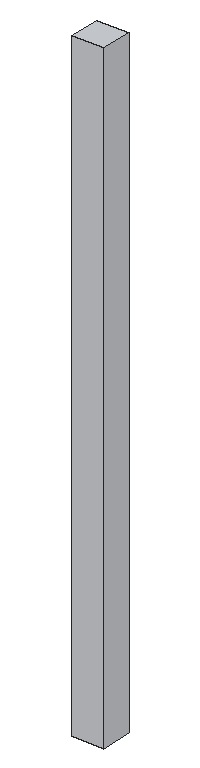
Revit family "SB-Свая3", category Фундамент несущей конструкции, Revit 2017
Family settings
  Материал для поведения модели = Прочее
  Заглушка = Нет
  Номер OmniClass = 23.25.05.00
  Заголовок OmniClass = Foundations
  На основе рабочей плоскости = Нет
  Всегда вертикально = Да
  При загрузке вырезать с полостями = Нет
  Общий = Нет
Parameters (values of type "С60.30")
  Ширина = 0 mm  # constant formula
  Фиктивный сдвиг низа срубки [instance] = if(Срубка вкл, Рзм.ДлинаБалкиИстинная, Рзм.ДлинаБалкиИстинная - 1 mm)  # 5999 mm
  Толщина фундамента = 0 mm  # constant formula
  Рзм.ОтметкаНизаПлиты [instance] = 0 mm
  Рзм.ДлинаБалкиИстинная [instance] = Рзм.Длина - Высота срубаемой части  # 6000 mm
  Орг.ДиапазонПозиций2 [instance] = ""
  Орг.ДиапазонПозиций [instance] = ""
  О_Позиция [instance] = ""
  Мрк.НаименованиеСоставноеЧисло1 [instance] = (Рзм.Длина * 1000 + Рзм.ДлинаБалкиИстинная / 10) / 1 mm  # 6000600
  Материал несущих конструкций = <По категории>
  Диаметр обозначения [instance] = Рзм.Ширина + 280 mm  # 580 mm
  Срубка вкл [instance] = Высота срубаемой части > 0 mm  # no
  Рядовая_тип 9 [instance] = [N типа рядовой (1-10)] = 9  # no
  Рядовая_тип 8 [instance] = [N типа рядовой (1-10)] = 8  # no
  Рядовая_тип 7 [instance] = [N типа рядовой (1-10)] = 7  # no
  Рядовая_тип 6 [instance] = [N типа рядовой (1-10)] = 6  # no
  Рядовая_тип 5 [instance] = [N типа рядовой (1-10)] = 5  # no
  Рядовая_тип 4 [instance] = [N типа рядовой (1-10)] = 4  # no
  Рядовая_тип 3 [instance] = [N типа рядовой (1-10)] = 3  # no
  Рядовая_тип 2 [instance] = [N типа рядовой (1-10)] = 2  # no
  Рядовая_тип 10 [instance] = [N типа рядовой (1-10)] = 10  # no
  Рядовая_тип 1 [instance] = [N типа рядовой (1-10)] = 1  # no
  Рзм.Ширина = 300 mm
  Рзм.Длина = 6000 mm
  О_Обозначение = "1.011.1-10, выпуск 1"
  О_Наименование = "Свая"
  О_МассаКг = 1380.00 kg
  Мрк.МаркаПодтипа [instance] = if(and(Анкерная, Испытуемая), "Ошибка", if(Анкерная, "Анкерная", if(Испытуемая, "Испытуемая подвергается стат. испытанию", "Рядовая")))  # "Рядовая"
  Мрк.МаркаИзделия = "С60.30"
  Испытуемая [instance] = no
  Высота срубаемой части [instance] = 0 mm
  Description = ""
  Type Image = (empty or 0)
  Type Comments = ""
  Manufacturer = ""
  Model = ""
  Анкерная [instance] = no
  URL = ""
  N типа рядовой (1-10) [instance] = 0
Reference planes
  plane 1 "По центру (Вперед/Назад)": y = 0
  plane 2: z = 0
  plane 3 "По центру (Влево/Вправо)": x = 0
  plane 4: y = 150
  plane 5: y = -150
  plane 6: x = 150
  plane 7: x = -150
  plane 8: y = 290
  plane 9: y = -290
  plane 10: x = -290
  plane 11: x = 290
Forms (mm)
  Extrusion 1, solid
    sketch origin (0, 0, 0) x (1, 0, 0) y (0, 1, 0)
      loop
        line (-150, 150) -> (-150, -150) -> (150, -150) -> (150, 150) -> (-150, 150)
    from 0 to 6000 <- "Рзм.ДлинаБалкиИстинная"
  Extrusion 2, solid, material "Остекление", visible <- "Срубка вкл"
    sketch origin (0, 0, 0) x (1, 0, 0) y (0, 1, 0)
      loop
        line (-150, 150) -> (-150, -150) -> (150, -150) -> (150, 150) -> (-150, 150)
    from 6000 <- "Рзм.Длина" to 5999 <- "Фиктивный сдвиг низа срубки"
Lines and regions (mm)
  symbolic lines, visible <- "Испытуемая"
    curve 1: circle (0, 0, 0) r 290 normal (0, 0, 1)
  symbolic lines
    curve 2: line (-190, 0, 0) -> (190, 0, 0)
    curve 11: line (0, 190, 0) -> (0, -190, 0)
  model lines, visible <- "Анкерная"
    curve 3: line (-290, 0, 0) -> (0, 290, 0)
    curve 4: line (0, -290, 0) -> (-290, 0, 0)
    curve 5: line (290, 0, 0) -> (0, -290, 0)
    curve 6: line (0, 290, 0) -> (290, 0, 0)
  symbolic lines, visible <- "Анкерная"
    curve 7: line (0, 290, 0) -> (290, 0, 0)
    curve 8: line (290, 0, 0) -> (0, -290, 0)
    curve 9: line (0, -290, 0) -> (-290, 0, 0)
    curve 10: line (-290, 0, 0) -> (0, 290, 0)
Dimensions and locks
  equal spacing: plane 4, plane 1 "По центру (Вперед/Назад)", plane 5
  equal spacing: plane 7, plane 3 "По центру (Влево/Вправо)", plane 6
  "Рзм.Ширина": plane 4 to plane 5
  "Рзм.Ширина": plane 7 to plane 6
  "Диаметр обозначения": plane 8 to plane 9
  equal spacing: plane 8, plane 1 "По центру (Вперед/Назад)", plane 9
  equal spacing: plane 10, plane 3 "По центру (Влево/Вправо)", plane 11
  "Диаметр обозначения": plane 10 to plane 11
  "Диаметр обозначения": diameter of curve 1
  aligned and locked: Extrusion 1 to level
  aligned and locked: plane 11 to curve 8
  aligned and locked: plane 1 "По центру (Вперед/Назад)" to curve 8
  aligned and locked: plane 3 "По центру (Влево/Вправо)" to curve 9
  aligned and locked: plane 9 to curve 9
  aligned and locked: plane 3 "По центру (Влево/Вправо)" to nested 1
  aligned and locked: plane 3 "По центру (Влево/Вправо)" to nested 2
  aligned and locked: plane 3 "По центру (Влево/Вправо)" to nested 3
  aligned and locked: plane 3 "По центру (Влево/Вправо)" to nested 4
  aligned and locked: plane 3 "По центру (Влево/Вправо)" to nested 5
  aligned and locked: plane 3 "По центру (Влево/Вправо)" to nested 6
  aligned and locked: plane 3 "По центру (Влево/Вправо)" to nested 7
  aligned and locked: plane 3 "По центру (Влево/Вправо)" to nested 8
  aligned and locked: plane 3 "По центру (Влево/Вправо)" to nested 9
  aligned and locked: plane 1 "По центру (Вперед/Назад)" to nested 7
  aligned and locked: plane 1 "По центру (Вперед/Назад)" to nested 5
  aligned and locked: plane 1 "По центру (Вперед/Назад)" to nested 3
  aligned and locked: plane 1 "По центру (Вперед/Назад)" to nested 2
  aligned and locked: plane 1 "По центру (Вперед/Назад)" to nested 1
  aligned and locked: plane 1 "По центру (Вперед/Назад)" to nested 8
  aligned and locked: plane 1 "По центру (Вперед/Назад)" to nested 4
  aligned and locked: plane 1 "По центру (Вперед/Назад)" to nested 9
  aligned and locked: plane 1 "По центру (Вперед/Назад)" to nested 6
  aligned and locked: curve 11 to plane 3 "По центру (Влево/Вправо)"
  aligned and locked: level to plane 2
Automatic sketch dimensions
  Extrusion 2 sketch curve to plane 5 = 0 mm
  Extrusion 2 sketch curve to plane 7 = 0 mm
  Extrusion 2 sketch curve to plane 6 = 0 mm
  Extrusion 2 sketch curve to plane 4 = 0 mm
  Extrusion 1 sketch curve to plane 5 = 0 mm
  Extrusion 1 sketch curve to plane 7 = 0 mm
  Extrusion 1 sketch curve to plane 6 = 0 mm
  Extrusion 1 sketch curve to plane 4 = 0 mm
  plane 1 "По центру (Вперед/Назад)" to curve 2 = 0 mm
  curve 4 to plane 3 "По центру (Влево/Вправо)" = 0 mm
  plane 1 "По центру (Вперед/Назад)" to curve 4 = 0 mm
  plane 7 to curve 2 = 40 mm
  plane 6 to curve 2 = 40 mm
  curve 11 to plane 5 = 40 mm
  plane 4 to curve 11 = 40 mm
Nested families
  nested 1: "Обозначение_тип_сваи_рядовая 2" at (0, 0, 0), visible <- "Рядовая_тип 2", Рзм.Ширина <- "Рзм.Ширина", type "Обозначение_тип_сваи_рядовая 2"
    with Рзм.Ширина 300 mm
  nested 2: "Обозначение_тип_сваи_рядовая 9" at (0, 0, 0), visible <- "Рядовая_тип 9", Рзм.Ширина <- "Рзм.Ширина", type "Обозначение_тип_сваи_рядовая 9"
    with Рзм.Ширина 300 mm
  nested 3: "Обозначение_тип_сваи_рядовая 8" at (0, 0, 0), visible <- "Рядовая_тип 8", Рзм.Ширина <- "Рзм.Ширина", type "Обозначение_тип_сваи_рядовая 8"
    with Рзм.Ширина 300 mm
  nested 4: "Обозначение_тип_сваи_рядовая 6" at (0, 0, 0), visible <- "Рядовая_тип 6", Рзм.Ширина <- "Рзм.Ширина", type "Обозначение_тип_сваи_рядовая 6"
    with Рзм.Ширина 300 mm
  nested 5: "Обозначение_тип_сваи_рядовая 10" at (0, 0, 0), visible <- "Рядовая_тип 10", Рзм.Ширина <- "Рзм.Ширина", type "Обозначение_тип_сваи_рядовая 10"
    with Рзм.Ширина 300 mm
  nested 6: "Обозначение_тип_сваи_рядовая 5" at (0, 0, 0), visible <- "Рядовая_тип 5", Рзм.Ширина <- "Рзм.Ширина", type "Обозначение_тип_сваи_рядовая 5"
    with Рзм.Ширина 300 mm
  nested 7: "Обозначение_тип_сваи_рядовая 7" at (0, 0, 0), visible <- "Рядовая_тип 7", Рзм.Ширина <- "Рзм.Ширина", type "Обозначение_тип_сваи_рядовая 7"
    with Рзм.Ширина 300 mm
  nested 8: "Обозначение_тип_сваи_рядовая 4" at (0, 0, 0), visible <- "Рядовая_тип 4", Рзм.Ширина <- "Рзм.Ширина", type "Обозначение_тип_сваи_рядовая 4"
    with Рзм.Ширина 300 mm
  nested 9: "Обозначение_тип_сваи_рядовая 3" at (0, 0, 0), visible <- "Рядовая_тип 3", Рзм.Ширина <- "Рзм.Ширина", type "Обозначение_тип_сваи_рядовая 3"
    with Рзм.Ширина 300 mm
Definition of nested family "Обозначение_тип_сваи_рядовая 2"
  Parameters (values of type "Обозначение_тип_сваи_рядовая 2")
    Рзм.Ширина [instance] = 400 mm
  Reference planes
    plane 1 "По центру (Вперед/Назад)": y = 0
    plane 2: z = 0
    plane 3 "По центру (Влево/Вправо)": x = 0
    plane 4: y = 200
    plane 5: y = -200
    plane 6: x = -200
    plane 7: x = 200
  Lines and regions (mm)
    Filled region 1, type "Сплошная заливка - Черный", in view "Опорный уровень"
      outline origin (0, 0, 0) x (1, 0, 0) y (0, 1, 0)
        loop
          line (-200, 200) -> (-200, -200) -> (200, 200) -> (-200, 200)
  Dimensions and locks
    equal spacing: plane 4, plane 1 "По центру (Вперед/Назад)", plane 5
    equal spacing: plane 6, plane 3 "По центру (Влево/Вправо)", plane 7
    "Рзм.Ширина": plane 4 to plane 5
    "Рзм.Ширина": plane 6 to plane 7
    aligned and locked: Filled region 1 sketch curve to plane 4
    aligned and locked: Filled region 1 sketch curve to plane 6
  Automatic sketch dimensions
    Filled region 1 sketch curve to plane 7 = 0 mm
    Filled region 1 sketch curve to plane 5 = 0 mm
Definition of nested family "Обозначение_тип_сваи_рядовая 9"
  Parameters (values of type "Обозначение_тип_сваи_рядовая 9")
    Рзм.Ширина [instance] = 400 mm
  Reference planes
    plane 1 "По центру (Вперед/Назад)": y = 0
    plane 2: z = 0
    plane 3 "По центру (Влево/Вправо)": x = 0
    plane 4: y = 200
    plane 5: y = -200
    plane 6: x = -200
    plane 7: x = 200
  Lines and regions (mm)
    Filled region 1, type "Сплошная заливка - Черный", in view "Опорный уровень"
      outline origin (0, 0, 0) x (1, 0, 0) y (0, 1, 0)
        loop
          line (-200, 0) -> (0, -200) -> (200, 0) -> (0, 200) -> (-200, 0)
  Dimensions and locks
    equal spacing: plane 4, plane 1 "По центру (Вперед/Назад)", plane 5
    equal spacing: plane 6, plane 3 "По центру (Влево/Вправо)", plane 7
    "Рзм.Ширина": plane 4 to plane 5
    "Рзм.Ширина": plane 6 to plane 7
    aligned and locked: plane 4 to Filled region 1 sketch curve
    aligned and locked: plane 7 to Filled region 1 sketch curve
    aligned and locked: plane 5 to Filled region 1 sketch curve
    aligned and locked: plane 6 to Filled region 1 sketch curve
    aligned and locked: plane 1 "По центру (Вперед/Назад)" to Filled region 1 sketch curve  (x2)
    aligned and locked: plane 3 "По центру (Влево/Вправо)" to Filled region 1 sketch curve  (x2)
Definition of nested family "Обозначение_тип_сваи_рядовая 8"
  Parameters (values of type "Обозначение_тип_сваи_рядовая 8")
    Рзм.Ширина [instance] = 400 mm
  Reference planes
    plane 1 "По центру (Вперед/Назад)": y = 0
    plane 2: z = 0
    plane 3 "По центру (Влево/Вправо)": x = 0
    plane 4: y = 200
    plane 5: y = -200
    plane 6: x = -200
    plane 7: x = 200
  Lines and regions (mm)
    Filled region 1, type "Сплошная заливка - Черный", in view "Опорный уровень"
      outline origin (0, 0, 0) x (1, 0, 0) y (0, 1, 0)
        loop
          line (200, 200) -> (-200, 200) -> (0, 0) -> (-200, -200) -> (200, -200) -> (200, 200)
  Dimensions and locks
    equal spacing: plane 4, plane 1 "По центру (Вперед/Назад)", plane 5
    equal spacing: plane 6, plane 3 "По центру (Влево/Вправо)", plane 7
    "Рзм.Ширина": plane 4 to plane 5
    "Рзм.Ширина": plane 6 to plane 7
    aligned and locked: plane 7 to Filled region 1 sketch curve
    aligned and locked: plane 5 to Filled region 1 sketch curve
    aligned and locked: plane 4 to Filled region 1 sketch curve
    aligned and locked: plane 6 to Filled region 1 sketch curve  (x2)
    aligned and locked: plane 3 "По центру (Влево/Вправо)" to Filled region 1 sketch curve
    aligned and locked: plane 1 "По центру (Вперед/Назад)" to Filled region 1 sketch curve
Definition of nested family "Обозначение_тип_сваи_рядовая 6"
  Parameters (values of type "Обозначение_тип_сваи_рядовая 6")
    Рзм.Ширина [instance] = 500 mm
  Reference planes
    plane 1 "По центру (Вперед/Назад)": y = 0
    plane 2: z = 0
    plane 3 "По центру (Влево/Вправо)": x = 0
    plane 4: y = 250
    plane 5: y = -250
    plane 6: x = -250
    plane 7: x = 250
  Lines and regions (mm)
    Filled region 1, type "Сплошная заливка - Черный", in view "Опорный уровень"
      outline origin (0, 0, 0) x (1, 0, 0) y (0, 1, 0)
        loop
          line (0, 0) -> (-250, 250) -> (-250, -250) -> (0, 0)
  Dimensions and locks
    equal spacing: plane 4, plane 1 "По центру (Вперед/Назад)", plane 5
    equal spacing: plane 6, plane 3 "По центру (Влево/Вправо)", plane 7
    "Рзм.Ширина": plane 4 to plane 5
    "Рзм.Ширина": plane 6 to plane 7
    aligned and locked: plane 5 to Filled region 1 sketch curve
    aligned and locked: plane 4 to Filled region 1 sketch curve
    aligned and locked: plane 6 to Filled region 1 sketch curve  (x2)
    aligned and locked: plane 3 "По центру (Влево/Вправо)" to Filled region 1 sketch curve
    aligned and locked: plane 1 "По центру (Вперед/Назад)" to Filled region 1 sketch curve
Definition of nested family "Обозначение_тип_сваи_рядовая 10"
  Parameters (values of type "Обозначение_тип_сваи_рядовая 10")
    Рзм.Ширина [instance] = 500 mm
  Reference planes
    plane 1 "По центру (Вперед/Назад)": y = 0
    plane 2: z = 0
    plane 3 "По центру (Влево/Вправо)": x = 0
    plane 4: y = 250
    plane 5: y = -250
    plane 6: x = -250
    plane 7: x = 250
  Lines and regions (mm)
    Filled region 1, type "Сплошная заливка - Черный", in view "Опорный уровень"
      outline origin (0, 0, 0) x (1, 0, 0) y (0, 1, 0)
        loop
          line (-250, 250) -> (-250, -250) -> (250, -250) -> (250, 250) -> (-250, 250)
  Dimensions and locks
    equal spacing: plane 4, plane 1 "По центру (Вперед/Назад)", plane 5
    equal spacing: plane 6, plane 3 "По центру (Влево/Вправо)", plane 7
    "Рзм.Ширина": plane 4 to plane 5
    "Рзм.Ширина": plane 6 to plane 7
    aligned and locked: plane 7 to Filled region 1 sketch curve
    aligned and locked: Filled region 1 sketch curve to plane 6
    aligned and locked: plane 5 to Filled region 1 sketch curve
    aligned and locked: Filled region 1 sketch curve to plane 4
Definition of nested family "Обозначение_тип_сваи_рядовая 5"
  Parameters (values of type "Обозначение_тип_сваи_рядовая 5")
    Рзм.Ширина [instance] = 500 mm
  Reference planes
    plane 1 "По центру (Вперед/Назад)": y = 0
    plane 2: z = 0
    plane 3 "По центру (Влево/Вправо)": x = 0
    plane 4: y = 250
    plane 5: y = -250
    plane 6: x = -250
    plane 7: x = 250
  Lines and regions (mm)
    Filled region 1, type "Сплошная заливка - Черный", in view "Опорный уровень"
      outline origin (0, 0, 0) x (1, 0, 0) y (0, 1, 0)
        loop
          line (-250, 250) -> (-250, 0) -> (0, 0) -> (0, 250) -> (-250, 250)
  Dimensions and locks
    equal spacing: plane 4, plane 1 "По центру (Вперед/Назад)", plane 5
    equal spacing: plane 6, plane 3 "По центру (Влево/Вправо)", plane 7
    "Рзм.Ширина": plane 4 to plane 5
    "Рзм.Ширина": plane 6 to plane 7
    aligned and locked: Filled region 1 sketch curve to plane 6
    aligned and locked: Filled region 1 sketch curve to plane 4
    aligned and locked: Filled region 1 sketch curve to plane 3 "По центру (Влево/Вправо)"
    aligned and locked: Filled region 1 sketch curve to plane 1 "По центру (Вперед/Назад)"
Definition of nested family "Обозначение_тип_сваи_рядовая 7"
  Parameters (values of type "Обозначение_тип_сваи_рядовая 7")
    Рзм.Ширина [instance] = 500 mm
  Reference planes
    plane 1 "По центру (Вперед/Назад)": y = 0
    plane 2: z = 0
    plane 3 "По центру (Влево/Вправо)": x = 0
    plane 4: y = 250
    plane 5: y = -250
    plane 6: x = -250
    plane 7: x = 250
  Lines and regions (mm)
    Filled region 1, type "Сплошная заливка - Черный", in view "Опорный уровень"
      outline origin (0, 0, 0) x (1, 0, 0) y (0, 1, 0)
        loop
          line (250, 250) -> (0, 250) -> (0, 0) -> (-250, 0) -> (-250, -250) -> (250, -250) -> (250, 250)
  Dimensions and locks
    equal spacing: plane 4, plane 1 "По центру (Вперед/Назад)", plane 5
    equal spacing: plane 6, plane 3 "По центру (Влево/Вправо)", plane 7
    "Рзм.Ширина": plane 4 to plane 5
    "Рзм.Ширина": plane 6 to plane 7
    aligned and locked: Filled region 1 sketch curve to plane 6
    aligned and locked: Filled region 1 sketch curve to plane 4
    aligned and locked: Filled region 1 sketch curve to plane 3 "По центру (Влево/Вправо)"
    aligned and locked: Filled region 1 sketch curve to plane 1 "По центру (Вперед/Назад)"
    aligned and locked: Filled region 1 sketch curve to plane 7
    aligned and locked: Filled region 1 sketch curve to plane 5
Definition of nested family "Обозначение_тип_сваи_рядовая 4"
  Parameters (values of type "Обозначение_тип_сваи_рядовая 4")
    Рзм.Ширина [instance] = 600 mm
  Reference planes
    plane 1 "По центру (Вперед/Назад)": y = 0
    plane 2: z = 0
    plane 3 "По центру (Влево/Вправо)": x = 0
    plane 4: y = 300
    plane 5: y = -300
    plane 6: x = 300
    plane 7: x = -300
  Lines and regions (mm)
    Filled region 1, type "Сплошная заливка - Черный", in view "Опорный уровень"
      outline origin (0, 0, 0) x (1, 0, 0) y (0, 1, 0)
        loop
          line (0, 0) -> (0, 300) -> (-300, 300) -> (-300, 0) -> (0, 0)
    Filled region 2, type "Сплошная заливка - Черный", in view "Опорный уровень"
      outline origin (0, 0, 0) x (1, 0, 0) y (0, 1, 0)
        loop
          line (0, -300) -> (300, -300) -> (300, 0) -> (0, 0) -> (0, -300)
  Dimensions and locks
    "Рзм.Ширина": plane 4 to plane 5
    "Рзм.Ширина": plane 7 to plane 6
    equal spacing: plane 7, plane 3 "По центру (Влево/Вправо)", plane 6
    equal spacing: plane 4, plane 1 "По центру (Вперед/Назад)", plane 5
    aligned and locked: plane 1 "По центру (Вперед/Назад)" to Filled region 1
    aligned and locked: plane 4 to Filled region 1
    aligned and locked: Filled region 1 to plane 7
    aligned and locked: plane 3 "По центру (Влево/Вправо)" to Filled region 1
    aligned and locked: Filled region 2 to plane 3 "По центру (Влево/Вправо)"
    aligned and locked: Filled region 2 to plane 5
    aligned and locked: Filled region 2 to plane 1 "По центру (Вперед/Назад)"
  Automatic sketch dimensions
    Filled region 1 sketch curve to plane 4 = 0 mm
    Filled region 1 sketch curve to plane 7 = 0 mm
    plane 1 "По центру (Вперед/Назад)" to Filled region 1 sketch curve = 0 mm
    Filled region 1 sketch curve to plane 3 "По центру (Влево/Вправо)" = 0 mm
    plane 1 "По центру (Вперед/Назад)" to Filled region 2 sketch curve = 0 mm
    Filled region 2 sketch curve to plane 3 "По центру (Влево/Вправо)" = 0 mm
    Filled region 2 sketch curve to plane 5 = 0 mm
    Filled region 2 sketch curve to plane 6 = 0 mm
Definition of nested family "Обозначение_тип_сваи_рядовая 3"
  Parameters (values of type "Обозначение_тип_сваи_рядовая 3")
    Рзм.Ширина [instance] = 400 mm
  Reference planes
    plane 1 "По центру (Вперед/Назад)": y = 0
    plane 2: z = 0
    plane 3 "По центру (Влево/Вправо)": x = 0
    plane 4: y = 200
    plane 5: y = -200
    plane 6: x = -200
    plane 7: x = 200
  Lines and regions (mm)
    Filled region 1, type "Сплошная заливка - Черный", in view "Опорный уровень"
      outline origin (0, 0, 0) x (1, 0, 0) y (0, 1, 0)
        loop
          line (-200, 200) -> (-200, 0) -> (200, 0) -> (200, 200) -> (-200, 200)
  Dimensions and locks
    equal spacing: plane 4, plane 1 "По центру (Вперед/Назад)", plane 5
    equal spacing: plane 6, plane 3 "По центру (Влево/Вправо)", plane 7
    "Рзм.Ширина": plane 4 to plane 5
    "Рзм.Ширина": plane 6 to plane 7
    aligned and locked: Filled region 1 sketch curve to plane 4
    aligned and locked: Filled region 1 sketch curve to plane 6
    aligned and locked: Filled region 1 sketch curve to plane 1 "По центру (Вперед/Назад)"
    aligned and locked: plane 7 to Filled region 1 sketch curve
